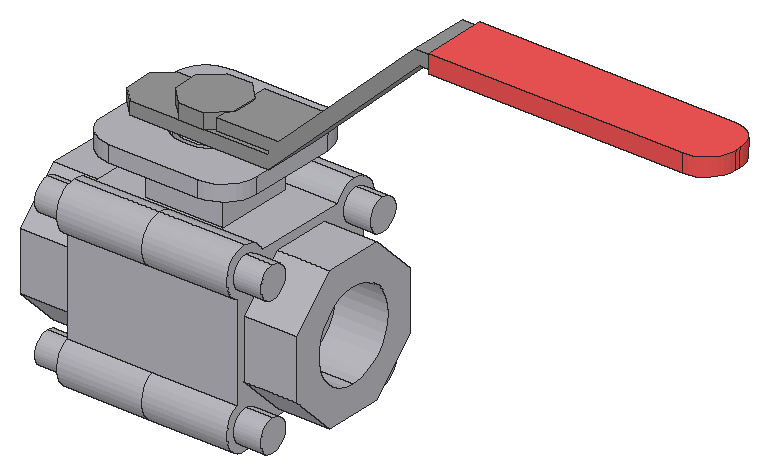
Revit family "320AC-Ball-Valve", category Pipe Accessories, Revit 2018
Family settings
  Round Connector Dimension = Use Diameter
  Part Type = Valve - Breaks Into
  OmniClass Number = 23.60.30.11.14
  OmniClass Title = Pipework Fittings
  Work Plane-Based = No
  Always vertical = Yes
  Cut with Voids When Loaded = No
  Shared = No
Parameters
  Z4 [instance] = size_lookup(LookupTable, "Z4", 0.000", Nominal Diameter)  # 0.920"
  Z3 [instance] = size_lookup(LookupTable, "Z3", 0.000", Nominal Diameter)  # 0.200"
  Weight [instance] = size_lookup(LookupTable, "Weight", "NA", Nominal Diameter)  # "4.59 lbs."
  URL = "http://www.fnw.com"
  Standards Lookup Table = "Standards"  # constant formula
  R3 [instance] = size_lookup(LookupTable, "R3", 0.000", Nominal Diameter)  # 1.24451"
  Product ID Handle [instance] = "NA"
  Product ID [instance] = size_lookup(LookupTable, "ProductID", "NA", Nominal Diameter)  # "4106106"
  Pipe Diameter [instance] = size_lookup(Standards Lookup Table, "copper", 0.000", Nominal Diameter)  # 1.125"
  Pins [instance] = Lm / 2  # 0.880"
  Pin Length [instance] = X2 * 4 + X3  # 2.8824"
  Pin Diameter [instance] = size_lookup(LookupTable, "m", 0.000", Nominal Diameter)  # 0.400"
  Pin Bung [instance] = Pin Diameter * 1.5  # 0.600"
  Part Number Handle [instance] = "NA"
  Part Number [instance] = size_lookup(LookupTable, "PartNumber", "NA", Nominal Diameter)  # "FNW320ACG"
  PIpe Radius [instance] = Pipe Diameter / 2  # 0.5625"
  NPT Insert [instance] = size_lookup(Standards Lookup Table, "NPT_insert", 0.000", Nominal Diameter)  # 0.6828"
  Manufacturer = "FNW"  # constant formula
  Lm [instance] = size_lookup(LookupTable, "lm", 0.000", Nominal Diameter)  # 1.760"
  Grip Pin4 [instance] = X3 / 2 + (X2 * 2)  # 1.4412"
  Gear [instance] = D3_Half - 0.063"  # 0.4295"
  Description BOM Handle [instance] = "NA"
  Description BOM [instance] = size_lookup(LookupTable, "Description_BOM", "NA", Nominal Diameter)  # "1 Stainless Steel 2000# 250# Steam Threaded 3 Piece BV"
  Z2 [instance] = size_lookup(LookupTable, "Z2", 0.000", Nominal Diameter)  # 0.300"
  Z1 [instance] = size_lookup(LookupTable, "Z1", 0.000", Nominal Diameter)  # 1.290"
  X3 [instance] = size_lookup(LookupTable, "X3", 0.000", Nominal Diameter)  # 1.4664"
  X2 [instance] = size_lookup(LookupTable, "X2", 0.000", Nominal Diameter)  # 0.354"
  X1 [instance] = size_lookup(LookupTable, "X1", 0.000", Nominal Diameter)  # 0.6828"
  Show Lever Clearance [instance] = no
  R2 [instance] = size_lookup(LookupTable, "R2", 0.000", Nominal Diameter)  # 1.04451"
  R1_Diam [instance] = R1 * 2  # 1.810"
  R1 [instance] = size_lookup(LookupTable, "R1", 0.000", Nominal Diameter)  # 0.905"
  Nominal Radius [instance] = Nominal Diameter / 2  # 0.500"
  Nominal Diameter [instance] = 1.000"
  LookupTable = "320AC-Ball-Valve"  # constant formula
  HexAngle1 [instance] = 135.00°
  D4 [instance] = size_lookup(LookupTable, "D4", 0.000", Nominal Diameter)  # 0.5625"
  D3_Half [instance] = D3 / 2  # 0.4925"
  D3 [instance] = size_lookup(LookupTable, "D3", 0.000", Nominal Diameter)  # 0.985"
  D2_Half [instance] = D2 / 2  # 0.73875"
  D2 [instance] = size_lookup(LookupTable, "D2", 0.000", Nominal Diameter)  # 1.4775"
  D1_Half [instance] = D1 / 2  # 0.985"
  D1 [instance] = size_lookup(LookupTable, "D1", 0.000", Nominal Diameter)  # 1.970"
  Body_W [instance] = Lm / 2 + 0.125"  # 1.005"
  1_Z2 [instance] = size_lookup(LookupTable, "1_Z2", 0.000", Nominal Diameter)  # 0.1644"
  1_Z1 [instance] = size_lookup(LookupTable, "1_Z1", 0.000", Nominal Diameter)  # 1.87435"
  1_Y1 [instance] = size_lookup(LookupTable, "1_Y1", 0.000", Nominal Diameter)  # 0.760"
  1_X6 [instance] = size_lookup(LookupTable, "1_X6", 0.000", Nominal Diameter)  # 0.375"
  1_X5 [instance] = size_lookup(LookupTable, "1_X5", 0.000", Nominal Diameter)  # 0.375"
  1_X4 [instance] = size_lookup(LookupTable, "1_X4", 0.000", Nominal Diameter)  # 0.985"
  1_X3 [instance] = size_lookup(LookupTable, "1_X3", 0.000", Nominal Diameter)  # 6.690"
  1_X2 [instance] = size_lookup(LookupTable, "1_X2", 0.000", Nominal Diameter)  # 1.87435"
  1_X1 [instance] = size_lookup(LookupTable, "1_X1", 0.000", Nominal Diameter)  # 1.970"
Reference planes (in)
  plane 1 "Center (Front/Back)": y = 0
  plane 2: z = 0
  plane 3 "Center (Left/Right)": x = 0
  plane 4 "X7 End": x = -1.77
  plane 5: x = -0.7332
  plane 6: x = 0.7332
  plane 7: x = 1.77
  plane 8 "Pipe radius": z = 0.5625
  plane 9 "NPT": x = -1.0872
  plane 10: z = 0.905
  plane 11: z = 1.29
  plane 12: z = 1.59
  plane 13 "top of pad": z = 1.79
  plane 14: x = 1.0872
  plane 15: x = -1.0872
  plane 16: y = -0.88
  plane 17: z = -0.88
  plane 18: z = 0.88
  plane 19: y = 0.88
  plane 20: x = 10.098
  plane 21: x = -6.87
  plane 22: y = 2.5
  plane 23: y = -2.5
  plane 24: y = -0.88
  plane 25: z = -0.88
  plane 26: z = 0.88
  plane 27: y = 0.88
  plane 28: through (0, 0, 0) normal (0, 0.7071, -0.7071)
  plane 29: through (0, 0, 0) normal (0, 0.7071, 0.7071)
  plane 30: y = -0.88
  plane 31: y = 0.88
  plane 32: y = -1.465
  plane 33: z = -1.465
  plane 34: z = 1.465
  plane 35: y = 1.465
  plane 36 "Pin Plane": x = -1.4412
  plane 37 "NPT 3": x = 1.77
  plane 38: x = 1.4412
  plane 39: z = -1.27275
  plane 40 "LM": z = 1.27275
Forms (in)
  Extrusion 1, solid, material "Steel, Stainless", not visible
    sketch origin (-1.0872, 0, 0) x (0, 0, 1) y (0, -1, 0)
      loop
        circle (0, 0) r 0.5
    from 0 to 2.1744
  Extrusion 2, solid, material "Steel, Stainless"
    sketch origin (1.4276, 0, 0) x (0, 0, 1) y (0, -1, 0)
      loop
        line (-0.37486, -0.905) -> (0.37486, -0.905) -> (0.905, -0.37486) -> (0.905, 0.37486) -> (0.37486, 0.905) -> (-0.37486, 0.905) -> (-0.905, 0.37486) -> (-0.905, -0.37486) -> (-0.37486, -0.905)
      loop
        circle (0, 0) r 0.5625
    from -3.1976 to 0.3424
  Extrusion 3, solid, material "Steel, Stainless"
    sketch origin (0, 0, 0.865) x (-1, 0, 0) y (0, -1, 0)
      loop
        arc (0.56833, -0.985) -> (0.86296, -0.86296) -> (0.985, -0.56833) r 0.41667
        line (0.985, -0.56833) -> (0.985, 0.56833)
        arc (0.985, 0.56833) -> (0.86296, 0.86296) -> (0.56833, 0.985) r 0.41667
        line (0.56833, 0.985) -> (-0.56833, 0.985)
        arc (-0.56833, 0.985) -> (-0.86296, 0.86296) -> (-0.985, 0.56833) r 0.41667
        line (-0.985, 0.56833) -> (-0.985, -0.56833)
        arc (-0.985, -0.56833) -> (-0.86296, -0.86296) -> (-0.56833, -0.985) r 0.41667
        line (-0.56833, -0.985) -> (0.56833, -0.985)
      loop
        circle (0, 0) r 0.4925
      loop
        circle (0, 0) r 0.4295
    from 0.725 to 0.925
  Extrusion 4, solid, material "Steel, Stainless"
    sketch origin (0, 0, 0.865) x (-1, 0, 0) y (0, -1, 0)
      loop
        line (0.4925, -0.4925) -> (0.4925, 0.4925) -> (-0.4925, 0.4925) -> (-0.4925, -0.4925) -> (0.4925, -0.4925)
    from -0.3025 to 0.725
  Extrusion 5, solid, material "Steel, Stainless"
    sketch origin (0, 0, 0.865) x (-1, 0, 0) y (0, -1, 0)
      loop
        line (0.21875, -0.21875) -> (0.21875, 0.21875) -> (-0.21875, 0.21875) -> (-0.21875, -0.21875) -> (0.21875, -0.21875)
    from 0.425 to 0.925
  Extrusion 6, solid, material "Steel, Stainless"
    sketch origin (-1.0872, 0, 0) x (0, 0, 1) y (0, -1, 0)
      loop
        circle (0.88, 0.88) r 0.2
      loop
        circle (0.88, -0.88) r 0.2
      loop
        circle (-0.88, -0.88) r 0.2
      loop
        circle (-0.88, 0.88) r 0.2
    from -0.354 to 2.5284
  Extrusion 7, solid, material "Steel, Stainless"
    sketch origin (-1.0872, 0, 0) x (0, 0, 1) y (0, -1, 0)
      loop
        circle (0.88, -0.88) r 0.3
      loop
        circle (0.88, 0.88) r 0.3
      loop
        circle (-0.88, 0.88) r 0.3
      loop
        circle (-0.88, -0.88) r 0.3
    from 0 to 1.0872
  Extrusion 8, solid, material "Steel, Stainless"
    sketch origin (-1.0872, 0, 0) x (0, 0, 1) y (0, -1, 0)
      loop
        circle (0.88, -0.88) r 0.3
      loop
        circle (0.88, 0.88) r 0.3
      loop
        circle (-0.88, 0.88) r 0.3
      loop
        circle (-0.88, -0.88) r 0.3
    from 1.0872 to 2.1744
  Extrusion 9, solid, material "Steel, Stainless"
    sketch origin (-1.4412, 0, 0) x (0, 0, 1) y (0, -1, 0)
      loop
        line (1.005, -1.005) -> (1.005, 1.005) -> (-1.005, 1.005) -> (-1.005, -1.005) -> (1.005, -1.005)
    from 0.354 to 2.5284
Cuts and joins
  joined: Extrusion 7, Extrusion 8, Extrusion 9
Dimensions and locks (in)
  "PIpe Radius": plane 8 "Pipe radius" to plane 2
  "X1": plane 4 "X7 End" to plane 9 "NPT"
  "R1": Extrusion 2 sketch curve to plane 1 "Center (Front/Back)"
  "R1": plane 1 "Center (Front/Back)" to Extrusion 2 sketch curve  (x5)
  "R1": plane 2 to Extrusion 2 sketch curve  (x2)
  "R1": plane 10 to plane 2
  "Z1": plane 11 to plane 2
  "Z2": plane 12 to plane 11
  "Z3": plane 13 "top of pad" to plane 12
  "X2": plane 5 to plane 9 "NPT"
  "D1_Half": Extrusion 3 sketch curve to plane 3 "Center (Left/Right)"
  "D1_Half": plane 3 "Center (Left/Right)" to Extrusion 3 sketch curve
  "D1_Half": plane 1 "Center (Front/Back)" to Extrusion 3 sketch curve
  "D1_Half": Extrusion 3 sketch curve to plane 1 "Center (Front/Back)"
  "D3_Half": Extrusion 4 sketch curve to plane 3 "Center (Left/Right)"
  "D3_Half": plane 3 "Center (Left/Right)" to Extrusion 4 sketch curve
  "D3_Half": plane 1 "Center (Front/Back)" to Extrusion 4 sketch curve  (x2)
  "NPT Insert": plane 4 "X7 End" to plane 15
  equal spacing: Extrusion 5 sketch curve, plane 1 "Center (Front/Back)", Extrusion 5 sketch curve
  Extrusion 5 sketch curve to Extrusion 5 sketch curve = 0.4375"  (x2)
  equal spacing: Extrusion 5 sketch curve, plane 3 "Center (Left/Right)", Extrusion 5 sketch curve
  "Pins": plane 2 to plane 18
  "Pins": plane 2 to plane 17
  "Pins": plane 1 "Center (Front/Back)" to plane 16
  "Pins": plane 19 to plane 1 "Center (Front/Back)"
  equal spacing: plane 22, plane 1 "Center (Front/Back)", plane 23
  plane 22 to plane 23 = 5.000"
  "Pins": plane 27 to plane 1 "Center (Front/Back)" to plane 24
  "Pins": plane 25 to plane 2 to plane 26
  plane 31 to plane 30 = 1.760"
  equal spacing: plane 31, plane 1 "Center (Front/Back)", plane 30
  "Lm": plane 31 to plane 30
  plane 35 to plane 32 = 2.930"
  plane 33 to plane 34 = 2.930"
  "X2": plane 14 to plane 6
  "X2": plane 15 to plane 36 "Pin Plane"
  equal spacing: plane 6, plane 3 "Center (Left/Right)", plane 5
  "X3": plane 6 to plane 5
  "X1": plane 37 "NPT 3" to plane 14
  "Grip Pin4": Extrusion 6 to plane 3 "Center (Left/Right)"
  "X2": plane 38 to plane 14
  "NPT Insert": plane 7 to plane 14
  "Body_W": Extrusion 9 sketch curve to plane 2
  "Body_W": plane 1 "Center (Front/Back)" to Extrusion 9 sketch curve
  "Body_W": plane 2 to Extrusion 9 sketch curve
  "Body_W": Extrusion 9 sketch curve to plane 1 "Center (Front/Back)"
  "Nominal Radius": radius of Extrusion 1 sketch curve
  "PIpe Radius": radius of Extrusion 2 sketch curve
  radius of Extrusion 3 sketch curve = 0.41667"  (x4)
  "D3_Half": radius of Extrusion 3 sketch curve
  "Gear": radius of Extrusion 3 sketch curve
  "Pin Diameter": diameter of Extrusion 6 sketch curve  (x4)
  "Pin Bung": diameter of Extrusion 7 sketch curve  (x4)
  "Pin Bung": diameter of Extrusion 8 sketch curve  (x4)
  angle Extrusion 2 sketch curve to Extrusion 2 sketch curve = 135.00°  (x7)
  aligned and locked: plane 2 to level
  aligned and locked: plane 4 "X7 End" to Extrusion 2
  aligned and locked: Extrusion 3 to plane 12
  aligned and locked: plane 13 "top of pad" to Extrusion 3
  aligned and locked: Extrusion 4 to plane 8 "Pipe radius"
  aligned and locked: Extrusion 1 to plane 15
  aligned and locked: plane 12 to Extrusion 4
  aligned and locked: Extrusion 5 to plane 11
  aligned and locked: Extrusion 7 to plane 9 "NPT"
  aligned and locked: Extrusion 8 to Extrusion 1
  aligned and locked: plane 14 to Extrusion 8
  aligned and locked: Extrusion 2 to plane 37 "NPT 3"
  aligned and locked: plane 13 "top of pad" to Extrusion 5
  aligned and locked: Extrusion 6 to plane 36 "Pin Plane"
  aligned and locked: plane 3 "Center (Left/Right)" to Extrusion 7
  aligned and locked: Extrusion 8 to plane 3 "Center (Left/Right)"
  aligned and locked: Extrusion 9 to plane 9 "NPT"
  aligned and locked: Extrusion 9 to Extrusion 1
Automatic sketch dimensions
  Extrusion 1 sketch curve to level = 0.000"
  Extrusion 1 sketch curve to plane 1 "Center (Front/Back)" = 0.000"
  Extrusion 2 sketch curve to level = 0.000"
  Extrusion 2 sketch curve to plane 1 "Center (Front/Back)" = 0.000"
  Extrusion 3 sketch curve to Extrusion 3 sketch curve = 0.000"  (x2)
  plane 1 "Center (Front/Back)" to Extrusion 3 sketch curve = 0.000"
  Extrusion 3 sketch curve to plane 3 "Center (Left/Right)" = 0.000"
  Extrusion 6 sketch curve to plane 17 = 0.000"  (x2)
  Extrusion 6 sketch curve to plane 16 = 0.000"  (x2)
  plane 18 to Extrusion 6 sketch curve = 0.000"  (x2)
  Extrusion 6 sketch curve to plane 19 = 0.000"  (x2)
  Extrusion 7 sketch curve to plane 24 = 0.000"  (x2)
  Extrusion 7 sketch curve to plane 25 = 0.000"  (x2)
  plane 26 to Extrusion 7 sketch curve = 0.000"  (x2)
  Extrusion 7 sketch curve to plane 27 = 0.000"  (x2)
  plane 28 to Extrusion 8 sketch curve = 0.000"  (x2)
  Extrusion 8 sketch curve to plane 30 = 0.000"  (x2)
  plane 29 to Extrusion 8 sketch curve = 0.000"  (x2)
  Extrusion 8 sketch curve to plane 31 = 0.000"  (x2)
Nested families (in)
  nested 1: "Nested Lever Lock_Red_320AC" at (0, 0, 1.79), Show Lever Clearance <- "Show Lever Clearance", Description BOM <- "Description BOM Handle", Part Number <- "Part Number Handle", Product ID <- "Product ID Handle", Z3 <- "Z3", 1_X2 <- "1_X2", 1_X3 <- "1_X3", 1_X4 <- "1_X4", 1_X6 <- "1_X6", 1_Y1 <- "1_Y1", 1_Z1 <- "1_Z1", 1_Z2 <- "1_Z2", 1_X1 <- "1_X1", D3 <- "D3", type "Nested Lever Lock_Red_320AC"
    with Z3 0.200", Z1_Z2 1.01937", Void_Outer_Radius 0.4425", Void_Outer 0.885", Tab_Width 0.4425", Tab_Height_Center 0.93718", Tab Lock 0.19565", Show Lever Clearance no, Product ID "NA", Part Number "NA", Lock_Tab_Width 1.010", Hypotenuse_Tab_Center 1.32537", Grip_L3 0.2269", Grip_L2 0.19565", Grip_L1 0.03125", Description BOM "NA", D3_Half 0.32833", D3 0.985", Clearance Hieght 6.000", Angle Hex Head 135.00°, Ang_Constraint 39.81°, 1_Z2_Half 0.0822", 1_Z2 0.1644", 1_Z1_Quarter 0.55079", 1_Z1 1.87435", 1_Y1_Half 0.380", 1_Y1 0.760", 1_X6_Half 0.375", 1_X6 0.375", 1_X4 0.985", 1_X3_and_1__Y1_Half 7.070", 1_X3 6.690", 1_X2_Quarter 0.46859", 1_X2_Half 0.93718", 1_X2 1.87435", 1_X1 1.970", 0Grip 2.125"
Connectors (in)
  piping at (-1.0872, 0, 0), diameter 1, driven by "Nominal Diameter"
    settings: on Extrusion 1, index 1, connector inside diameter 24", connector length 0.000", flow factor 0, pipe flow 0 GPM, pressure drop 0.00 psi, fitting loss kfactor 0, connector angle 0.00°, fixture units 0, engagement length 0.000", angle of deflection 0.00°, flow configuration 0, flow direction 0, fitting loss method 0, system type 7, joint type 0, gender type 0, connector reference index 2, connector utility 0, adjustable connector no, is connector primary yes, connector description ""
  piping at (1.0872, 0, 0), diameter 1, driven by "Nominal Diameter"
    settings: on Extrusion 1, index 2, connector inside diameter 24", connector length 0.000", flow factor 0, pipe flow 0 GPM, pressure drop 0.00 psi, fitting loss kfactor 0, connector angle 0.00°, fixture units 0, engagement length 0.000", angle of deflection 0.00°, flow configuration 0, flow direction 0, fitting loss method 0, system type 7, joint type 0, gender type 0, connector reference index 1, connector utility 0, adjustable connector no, is connector primary no, connector description ""
Definition of nested family "Nested Lever Lock_Red_320AC"
  Parameters (values of type "Nested Lever Lock_Blue_320A")
    Z3 [instance] = 0.125"
    Z1_Z2 [instance] = ([1_Z1] + [1_Z2]) / 2  # 0.6875"
    Tab_Width [instance] = [1_Y1_Half] + (Grip_L1 * 2)  # 1.0625"
    Tab_Height_Center [instance] = [1_Z1] / 2  # 0.625"
    Tab Lock [instance] = [1_Z2] + 0.03125"  # 0.15625"
    Product ID [instance] = ""
    Part Number [instance] = ""
    Lock_Tab_Width [instance] = [1_Y1] + 0.250"  # 2.250"
    Hypotenuse_Tab_Center [instance] = sqrt(Tab_Height_Center ^ 2 + [1_X2_Half] ^ 2)  # 0.97628"
    Description BOM [instance] = ""
    Angle 2 = 45.00°  # constant formula
    Ang_Constraint [instance] = 39.81°  # constant formula
    1_Z2 [instance] = 0.125"
    1_Z1_Quarter [instance] = [1_Z1] / 4 + ([1_Z2_Half])  # 0.375"
    1_Z1 [instance] = 1.250"
    1_Y1_Half [instance] = [1_Y1] / 2  # 1.000"
    1_Y1 [instance] = 2.000"
    1_X6_Half [instance] = [1_X6]  # 1.000"
    1_X6 [instance] = 1.000"
    1_X2_Quarter [instance] = [1_X2] / 4  # 0.375"
    1_X2_Half [instance] = [1_X2] / 2  # 0.750"
    1_X1 [instance] = 2.500"
    1_X3_and_1__Y1_Half [instance] = [1_X3] + [1_Y1_Half]  # 13.66198"
    1_X3 [instance] = 12.66198"
    1_X2 [instance] = 1.500"
    Void_Outer_Radius [instance] = Void_Outer / 2  # 1.0625"
    Void_Outer [instance] = [1_Y1] + Grip_L1 * 4  # 2.125"
    Show Lever Clearance [instance] = yes
    Grip_L3 [instance] = Grip_L1 + Grip_L2  # 0.1875"
    Grip_L1 [instance] = 0.03125"  # constant formula
    Grip_L2 [instance] = [1_Z2] + Grip_L1  # 0.15625"
    Default Elevation = 48.000"
    D3_Half [instance] = D3 / 3  # 0.23251"
    D3 [instance] = 0.69752"
    Clearance Hieght [instance] = 6.000"  # constant formula
    Angle Hex Head [instance] = 135.00°  # constant formula
    1_X4 [instance] = 1.100"
    1_Z2_Half [instance] = [1_Z2] / 2  # 0.0625"
    0Grip [instance] = 2.125"  # constant formula
  Reference planes (in)
    plane 1 "Center (Front/Back)": y = 0
    plane 2: z = 0
    plane 3 "Center (Left/Right)": x = 0
    plane 4: z = 0.125
    plane 5: x = -1.1
    plane 6: x = 12.66198
    plane 7: y = 1
    plane 8: y = -1
    plane 9: x = 1.4
    plane 10: x = 2.9
    plane 11: z = 1.375
    plane 12: z = 1.25
    plane 13: z = 0.25
    plane 14: z = 1.40625
    plane 15: z = 1.21875
    plane 16: x = 3.05625
    plane 17: y = 1.03125
    plane 18: y = -1.03125
    plane 19: z = -1.125
    plane 20: y = 0.5
    plane 21: y = -0.5
    plane 22: x = -1.225
    plane 23: x = 2.15
    plane 24: x = 1.775
    plane 25: x = 0.23251
    plane 26: z = 0.28125
  Forms (in)
    Extrusion 1, solid
      sketch origin (0, 0, 0) x (1, 0, 0) y (0, 1, 0)
        loop
          line (-48, 48) -> (-48, -48) -> (48, -48) -> (48, 48) -> (-48, 48)
      from 0 to -12
    Extrusion 2, solid
      sketch origin (0, 0, 0) x (1, 0, 0) y (0, 0, 1)
        loop
          line (1.54878, 0.28125) -> (0.23251, 0.28125) -> (0.23251, 0.16925) -> (1.4, 0.16925) -> (1.4, 0) -> (2.94425, 1.25) -> (4.05625, 1.25) -> (4.05625, 1.375) -> (2.9, 1.375) -> (1.54878, 0.28125)
      from -1 to 1
    Extrusion 3, solid
      sketch origin (0, 0, 0) x (1, 0, 0) y (0, 1, 0)
        loop
          line (1, 0.41421) -> (0.41421, 1) -> (-0.41421, 1) -> (-1, 0.41421) -> (-1, -0.41421) -> (-0.41421, -1) -> (0.41421, -1) -> (1, -0.41421) -> (1, 0.41421)
      from 0.125 to 0.25
    Extrusion 4, solid
      sketch origin (0, 0, 0) x (1, 0, 0) y (0, 1, 0)
        loop
          line (11.66198, 1.03125) -> (3.05625, 1.03125) -> (3.05625, -1.03125) -> (11.66198, -1.03125)
          arc (11.66198, -1.03125) -> (12.36908, -0.73836) -> (12.66198, -0.03125) r 1
          line (12.66198, -0.03125) -> (12.66198, 0.03125)
          arc (12.66198, 0.03125) -> (12.36908, 0.73836) -> (11.66198, 1.03125) r 1
      from 1.21875 to 1.40625
    Extrusion 5, solid, visible <- "Show Lever Clearance"
      sketch origin (0, 0, 0) x (1, 0, 0) y (0, 1, 0)
        loop
          line (-1.1, 1) -> (-1.1, -12.66198)
          arc (-1.1, -12.66198) -> (8.56048, -8.66048) -> (12.56198, 1) r 13.66198
          line (12.56198, 1) -> (-1.1, 1)
      from 0 to 6 <- "Clearance Hieght"
    Extrusion 6, solid
      sketch origin (0, 0, 0) x (1, 0, 0) y (0, 1, 0)
        loop
          line (1.4, -1) -> (1.4, 1) -> (-0.6, 1) -> (-1.1, 0.5) -> (-1.1, -0.5) -> (-0.6, -1) -> (1.4, -1)
      from 0 to 0.125
  Cuts and joins
    joined: Extrusion 2, Extrusion 6
  Lines and regions (in)
    reference lines
      curve 1: line (0, 0, 3.39657) -> (0, 0, -1.625)
  Dimensions and locks (in)
    "1_Z2": plane 4 to plane 2
    "1_X4": plane 3 "Center (Left/Right)" to plane 5
    "1_X3": plane 6 to plane 3 "Center (Left/Right)"
    equal spacing: plane 7, plane 1 "Center (Front/Back)", plane 8
    "1_Y1": plane 7 to plane 8
    "1_X1": plane 9 to plane 5
    "1_X2": plane 10 to plane 9
    "1_Z1": plane 11 to plane 4
    "1_Z2": plane 11 to plane 12
    equal spacing: Extrusion 3 sketch curve, curve 1, Extrusion 3 sketch curve  (x4)
    "1_Y1": Extrusion 3 sketch curve to Extrusion 3 sketch curve  (x4)
    "Z3": plane 13 to plane 4
    "Grip_L1": plane 14 to plane 11
    "Grip_L2": plane 11 to plane 15
    "Grip_L2": plane 16 to plane 10
    "Grip_L1": plane 8 to plane 18
    "Grip_L1": plane 17 to plane 7
    "1_Y1_Half": plane 16 to Extrusion 2
    "1_X3_and_1__Y1_Half": Extrusion 5 sketch curve to Extrusion 5 sketch curve  (x2)
    equal spacing: Extrusion 6 sketch curve, plane 1 "Center (Front/Back)", Extrusion 6 sketch curve
    "1_Y1_Half": Extrusion 6 sketch curve to Extrusion 6 sketch curve
    equal spacing: plane 21, plane 1 "Center (Front/Back)", plane 20
    "1_Y1_Half": plane 21 to plane 20
    "1_Z2": plane 5 to plane 22
    "1_X2_Half": plane 23 to plane 9
    "1_X2_Quarter": plane 24 to plane 9
    "D3_Half": plane 25 to plane 3 "Center (Left/Right)"
    "1_Z2": Extrusion 2 sketch curve to Extrusion 2 sketch curve
    "Tab Lock": plane 26 to plane 4
    "1_Y1_Half": radius of Extrusion 4 sketch curve  (x2)
    "1_X3_and_1__Y1_Half": radius of Extrusion 5 sketch curve
    "Angle Hex Head": angle Extrusion 3 sketch curve to Extrusion 3 sketch curve  (x6)
    "Angle 2": angle plane 5 to Extrusion 6 sketch curve
    "Angle 2": angle Extrusion 6 sketch curve to plane 5
    aligned and locked: plane 2 to Extrusion 1
    aligned and locked: level to Extrusion 1
    aligned and locked: plane 10 to Extrusion 2 sketch curve
    aligned and locked: plane 12 to Extrusion 2 sketch curve
    aligned and locked: plane 11 to Extrusion 2 sketch curve
    aligned and locked: curve 1 to plane 3 "Center (Left/Right)"
    aligned and locked: plane 4 to Extrusion 3
    aligned and locked: Extrusion 3 to plane 13
    aligned and locked: Extrusion 4 sketch curve to plane 16
    aligned and locked: Extrusion 4 sketch curve to plane 18
    aligned and locked: plane 17 to Extrusion 4 sketch curve
    aligned and locked: Extrusion 4 to plane 15
    aligned and locked: Extrusion 4 to plane 14
    aligned and locked: Extrusion 2 to plane 8
    aligned and locked: plane 7 to Extrusion 2
    aligned and locked: Extrusion 2 sketch curve to plane 9
    aligned and locked: plane 9 to Extrusion 6 sketch curve
    aligned and locked: Extrusion 6 sketch curve to plane 5
    aligned and locked: Extrusion 6 to plane 4
    aligned and locked: Extrusion 2 sketch curve to plane 25
    aligned and locked: Extrusion 2 to plane 26
  Automatic sketch dimensions
    Extrusion 1 sketch curve to Extrusion 1 sketch curve = 96.000"  (x2)
    plane 19 to curve 1 = 0.500"
    plane 14 to curve 1 = 1.99032"
    Extrusion 2 sketch curve to plane 26 = 0.000"
    Extrusion 2 sketch curve to level = 0.000"
    plane 16 to Extrusion 2 sketch curve = 1.000"
    Extrusion 2 sketch curve to plane 4 = 0.04425"
    Extrusion 4 sketch curve to plane 6 = 0.000"
    Extrusion 5 sketch curve to plane 5 = 0.000"
    Extrusion 5 sketch curve to plane 7 = 0.000"
    Extrusion 6 sketch curve to plane 8 = 0.000"
    Extrusion 6 sketch curve to plane 7 = 0.000"
